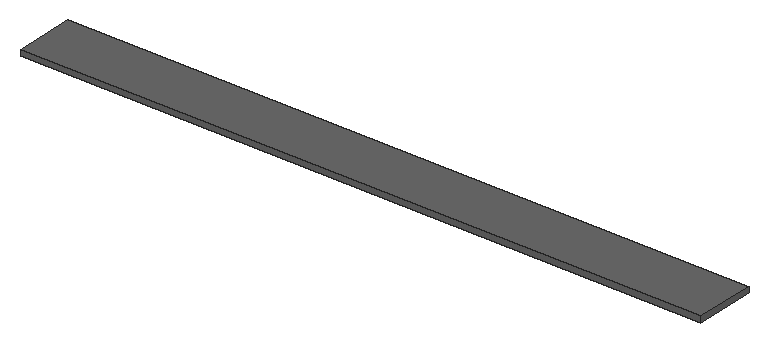
Revit family "ARKOSLIGHT_GAP Black Foster Micro Custom Cover", category Lighting Fixtures, host Face, Revit 2019
Family settings
  Host = Face
  Round Connector Dimension = Use Diameter
  Part Type = Normal
  Cut with Voids When Loaded = No
  Light Source = No
  Shared = No
  Room Calculation Point = No
Parameters (values of type "A450000XN - BLACK FOSTER MICRO CUSTOM COVER GAP X N")
  URL = "https://www.arkoslight.com/en/product/bfmsura-es/"
  Model = ARKOSLIGHT_Model  # "BLACK FOSTER CUSTOM ACCESSORIES"
  Manufacturer = "ARKOSLIGHT"  # constant formula
  Length [instance] = 250 mm
  Description = "Select the number and length of profiles suitable for the defined length."
  ARKOSLIGHT_Series = "BLACK FOSTER MICRO CUSTOM SURFACE ACCESSORIES"  # constant formula
  ARKOSLIGHT_Reference = "A450000XN"
  ARKOSLIGHT_Model = "BLACK FOSTER CUSTOM ACCESSORIES"  # constant formula
  ARKOSLIGHT_Initial Cap [instance] = no
  ARKOSLIGHT_End Cap [instance] = no
  ARKOSLIGHT_Color = "Black"
  ARKOSLIGHT_Fixture Type = "ACCESSORIES"  # constant formula
  Default Elevation = 0 mm
  Apparent Load = 0 VA  # constant formula
  ARKOSLIGHT_Body Color = ARKOSLIGHT_Matt black
Reference planes
  plane 1 "Center (Front/Back)": y = 0
  plane 2: z = 0.002
  plane 3 "Center (Left/Right)": x = 0
  plane 4: x = 125
  plane 5: x = -125
  plane 6: y = 11
  plane 7: y = -11
  plane 8: z = 28.452
  plane 9: z = 26.452
Forms (mm)
  Extrusion 1, solid, material "ARKOSLIGHT_Matt black" <- "ARKOSLIGHT_Body Color"
    sketch origin (-125, -221.408, 1227.436) x (0, -1, 0) y (0, 0, -1)
      loop
        line (-210.408, 1198.984) -> (-210.408, 1200.984) -> (-232.408, 1200.984) -> (-232.408, 1198.984) -> (-210.408, 1198.984)
    from 0 to 250
Dimensions and locks
  "Length": plane 5 to plane 4
  equal spacing: plane 5, plane 3 "Center (Left/Right)", plane 4
  equal spacing: plane 6, plane 1 "Center (Front/Back)", plane 7
  locked: plane 6 to plane 7 at 22
  locked: plane 8 to plane 9 at 2
  locked: plane 9 to plane 2 at 26.45
  aligned and locked: plane 2 to host face
  aligned and locked: level to host face
  aligned and locked: Extrusion 1 to plane 4
  aligned and locked: Extrusion 1 sketch curve to plane 6
  aligned and locked: Extrusion 1 sketch curve to plane 7
  aligned and locked: plane 8 to Extrusion 1 sketch curve
  aligned and locked: Extrusion 1 sketch curve to plane 9
Automatic sketch dimensions
  host sketch curve to host sketch curve = 486.772 mm
  host sketch curve to host sketch curve = 1105.173 mm
